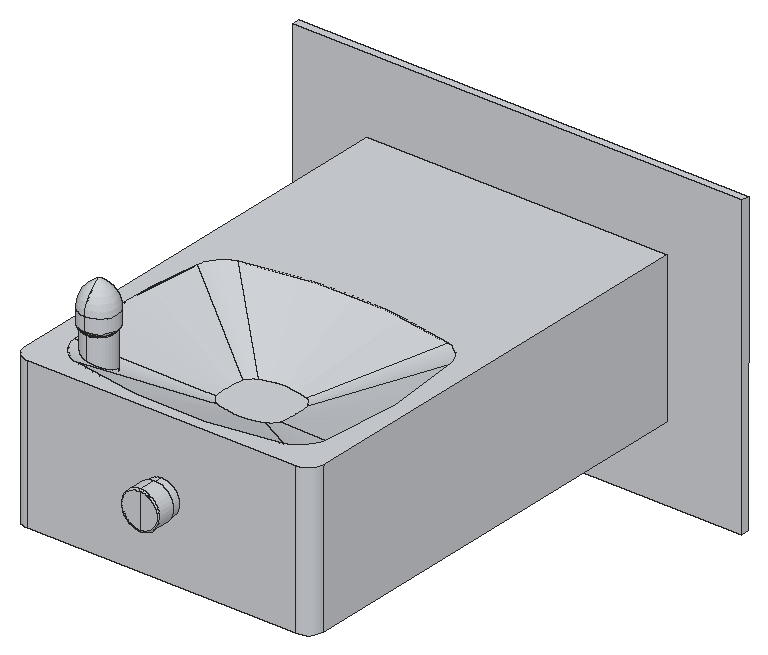
Revit family "Drinking_Fountain-Willoughby-DF-1812-FA", category Plumbing Fixtures, Revit 2015
Parameters
  URL = "https://www.willoughby-ind.com/wp-content/uploads/2018/01/DF-1812-FA.pdf"
  Revision = "A"
  Model = "DF-1812-FA"
  Manufacturer = "Willoughby Industries"
  Description = "Front Access Drinking Fountain"
  Contact Info = "(800) 428-4065"
Reference planes (in)
  plane 1 "Center (Front/Back)": y = 0
  plane 2: z = 0
  plane 3 "Center (Left/Right)": x = 0
  plane 4 "TOP OF BOWL": z = 3
  plane 5 "BOTTOM OF BOWL": z = 1.262
  plane 6 "BUBBLER": x = -4.161
Forms (in)
  Extrusion 1, solid
    sketch origin (0, 0, 0) x (1, 0, 0) y (0, 0, 1)
      loop
        line (-9, 6) -> (-9, -6) -> (9, -6) -> (9, 6) -> (-9, 6)
    from 0 to 0.32422
  Extrusion 2, solid
    sketch origin (0, 0, 0) x (1, 0, 0) y (0, 1, 0)
      loop
        arc (-6, -17.50622) -> (-5.81694, -17.94816) -> (-5.375, -18.13122) r 0.625
        line (-5.375, -18.13122) -> (5.375, -18.13122)
        arc (5.375, -18.13122) -> (5.81694, -17.94816) -> (6, -17.50622) r 0.625
        line (6, -17.50622) -> (6, -0.32422) -> (-6, -0.32422) -> (-6, -17.50622)
    from -3 to 3
  Blend 3, void
    base sketch origin (0, 0, 1.262) x (-1, 0, 0) y (0, -1, 0)
      loop
        arc (0.976, 12.10672) -> (1.18564, 12.2457) -> (1.301, 12.46922) r 0.49961
        arc (1.301, 12.46922) -> (1.375, 13.13122) -> (1.301, 13.79322) r 2.99811
        arc (1.301, 13.79322) -> (1.18564, 14.01674) -> (0.976, 14.15572) r 0.49961
        arc (0.976, 14.15572) -> (0, 14.31872) -> (-0.976, 14.15572) r 3.00351
        arc (-0.976, 14.15572) -> (-1.18558, 14.01668) -> (-1.301, 13.79322) r 0.5002
        arc (-1.301, 13.79322) -> (-1.375, 13.13122) -> (-1.301, 12.46922) r 2.99811
        arc (-1.301, 12.46922) -> (-1.18558, 12.24576) -> (-0.976, 12.10672) r 0.5002
        arc (-0.976, 12.10672) -> (0, 11.94372) -> (0.976, 12.10672) r 3.00351
    top sketch origin (0, 0, 1.262) x (-1, 0, 0) y (0, -1, 0)
      loop
        arc (4.23943, 9.04386) -> (4.79475, 9.40827) -> (5.085, 10.00572) r 1.25
        arc (5.085, 10.00572) -> (5.36954, 13.04856) -> (5.10429, 16.09315) r 16.98767
        arc (5.10429, 16.09315) -> (4.84709, 16.79052) -> (4.23943, 17.21858) r 1.25
        arc (4.23943, 17.21858) -> (0.0397, 17.75617) -> (-4.16282, 17.23814) r 16.98333
        arc (-4.16282, 17.23814) -> (-4.76755, 16.88205) -> (-5.08509, 16.25622) r 1.25
        arc (-5.08509, 16.25622) -> (-5.375, 13.13122) -> (-5.08509, 10.00622) r 16.98767
        arc (-5.08509, 10.00622) -> (-4.76755, 9.38039) -> (-4.16282, 9.0243) r 1.25
        arc (-4.16282, 9.0243) -> (0.03953, 8.50626) -> (4.23943, 9.04386) r 16.98333
    from 0 to 1.738
  Revolve 4, solid
    sketch origin (0, 0, 0) x (0, 1, 0) y (0, 0, 1)
      loop
        line (-18.13122, 0.698) -> (-18.51222, 0.698) -> (-18.51222, 0.75) -> (-19.19422, 0.75)
        arc (-19.19422, 0.75) -> (-19.2225, 0.73828) -> (-19.23422, 0.71) r 0.04
        line (-19.23422, 0.71) -> (-19.23422, 0) -> (-18.13122, 0) -> (-18.13122, 0.698)
      axis (-19.23422, 0) -> (-18.13122, 0)
    angle from 0 to 360
  Revolve 5, solid
    sketch origin (-4.161, 0, 0) x (0, 0, -1) y (0, -1, 0)
      loop
        line (-1.83414, 16.70222) -> (-3.724, 16.70222)
        arc (-3.724, 16.70222) -> (-3.74787, 16.70703) -> (-3.768, 16.72072) r 0.06157
        line (-3.768, 16.72072) -> (-3.8305, 16.78322)
        arc (-3.8305, 16.78322) -> (-3.85068, 16.79692) -> (-3.8745, 16.80222) r 0.06497
        line (-3.8745, 16.80222) -> (-4.4325, 16.80222)
        arc (-4.4325, 16.80222) -> (-5.07544, 16.60369) -> (-5.4945, 16.07722) r 1.14032
        line (-5.4945, 16.07722) -> (-1.83414, 16.07722) -> (-1.83414, 16.70222)
      axis (-5.4945, 16.07722) -> (-1.83414, 16.07722)
    angle from 0 to 360
  Extrusion 6, solid
    sketch origin (0, 0, 0) x (1, 0, 0) y (0, 0, 1)
      loop
        circle (0, 1.125) r 0.75
      loop
        circle (2.75, -1.375) r 0.25
    from -0.125 to 1
Cuts and joins
  Blend 3 cuts Extrusion 2
Dimensions and locks (in)
  aligned and locked: level to plane 2
  aligned and locked: Extrusion 2 to Blend 3
  aligned and locked: Revolve 4 sketch curve to Revolve 4 sketch curve  (x2)
  aligned and locked: Revolve 5 sketch curve to Revolve 5 sketch curve
Connectors (in)
  piping at (0, 0.125, 1.125), diameter 1.5
    settings: on Extrusion 6, index 1, connector inside diameter 24", connector length 0' - 0", flow factor 0, pipe flow 0 GPM, pressure drop 0.00 psi, fitting loss kfactor 0, connector angle 0.00°, fixture units 0, engagement length 0' - 0", angle of deflection 0.00°, flow configuration 0, flow direction 2, fitting loss method 0, system type 22, joint type 0, gender type 0, connector reference index -1, connector utility 0, adjustable connector no, is connector primary yes, connector description ""
  piping at (2.75, 0.125, -1.375), diameter 0.5
    settings: on Extrusion 6, index 2, connector inside diameter 24", connector length 0' - 0", flow factor 0, pipe flow 0 GPM, pressure drop 0.00 psi, fitting loss kfactor 0, connector angle 0.00°, fixture units 0, engagement length 0' - 0", angle of deflection 0.00°, flow configuration 0, flow direction 1, fitting loss method 0, system type 20, joint type 0, gender type 0, connector reference index -1, connector utility 0, adjustable connector no, is connector primary no, connector description ""
